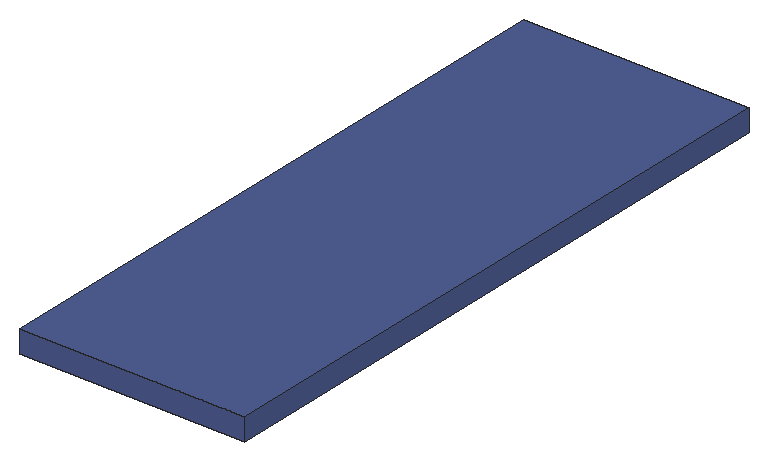
Revit family "DockEquipment_GuideLight_SuperSeal_2C2C-4", category Generic Models, Revit 2011
Parameters
  offset [instance] = 0' - 10 3/4"
  Warranty Duration (Years) = 0
  Unit Width = 0' - 5"
  Unit Height = 1' - 2"
  Unit Depth = 0' - 0 1/2"
  URL = "http://www.supersealmfg.com/"
  Specification = ""
  SpecWizard = ""
  Sign Width = 0' - 7"
  Sign Material = Plastic - Super Seal - Yellow
  Sign Height = 2' - 0"
  Sign [instance] = no
  Send Message = "http://www.arcat.com/users.pl?action=UserEmail&company=Super-Seal%20Mfg.%20Ltd&coid=44693&rep=119&fax=905-850-4440 &mf="
  Sales Information = "http://www.supersealmfg.com/ContactUs.htm"
  Revision = "R1_07-2011"
  Product Properties = ""
  Product Data = "http://arcat.com/arcatcos/cos44/arc44693.html?isac=1&r=1"
  Model = "As Specified"
  Material = Plastic - Super Seal - Blue
  Manufacturer Website = "http://www.supersealmfg.com/"
  Manufacturer Phone - Toll Free = "800-337-3239 "
  Manufacturer Phone = "800-337-3239 "
  Manufacturer Fax = "905-850-4440 "
  Manufacturer Address = "670 Rowntree Dairy Rd. Woodbridge , ON, Canada L4L-5T8"
  Manufacturer = "Super-Seal Mfg. Ltd"
  Maintenance Schedule (Months) = 0
  Keynote = ""
  Installation-Fabrication = ""
  Installation Phase = ""
  Green Building-LEED = ""
  Expected Lifespan (Years) = 0
  Drawn By = "Sumex Design, Inc. / Robert S. Weygant, CSI, CDT, SCIP"
  Description = "Super Seal"
  Default Elevation = 4' - 0"
  Copyright = "©Arcat Inc."
  Construction Details = "http://arcat.com/details/supersea/supersea.html?coid=44693"
  Assembly Code = ""
Reference planes (in)
  plane 1 "Center (Front/Back)": y = 0
  plane 2 "Bottom": z = 0
  plane 3 "Center (Left/Right)": x = 0
  plane 4 "Front": y = -7
  plane 5 "Left": x = -2.5
  plane 6 "Right": x = 2.5
  plane 7 "Top": z = 0.5
  plane 8: y = 7
  plane 9: x = -3.5
  plane 10: x = 3.5
  plane 11: y = 12
  plane 12: y = -12
Forms (in)
  Extrusion 1, solid, material "Plastic - Super Seal - Blue" <- "Material"
    sketch origin (0, 0, 0) x (1, 0, 0) y (0, 1, 0)
      loop
        line (-2.5, 7) -> (-2.5, -7) -> (2.5, -7) -> (2.5, 7) -> (-2.5, 7)
    from 0 to 0.5
  Extrusion 2, solid, material "Plastic - Super Seal - Yellow" <- "Sign Material", visible <- "Sign"
    sketch origin (-43.59721, -180, 0.5) x (-1, 0, 0) y (0, -1, 0)
      loop
        line (-40.09721, -192) -> (-40.09721, -168) -> (-47.09721, -168) -> (-47.09721, -192) -> (-40.09721, -192)
      loop
        line (-41.09721, -173) -> (-46.09721, -173) -> (-46.09721, -187) -> (-41.09721, -187) -> (-41.09721, -173)
    from 0 to -0.5
Lines and regions (in)
  model lines, style "Dock Equipment", detail levels medium+fine
    curve 1: circle (0, -3.71427, 0.5) r 2 normal (0, 0, 1)
    curve 2: circle (0, 5.28573, 0.5) r 1.5 normal (0, 0, 1)
    curve 3: circle (0, 5.28573, 0.5) r 0.75 normal (0, 0, 1)
    curve 32: circle (0, 0.78573, 0.5) r 2 normal (0, 0, 1)
  model lines, style "Dock Equipment", detail levels fine
    curve 4: circle (0.75, -3.71427, 0.5) r 0.125 normal (0, 0, 1)
    curve 5: circle (0, -4.46427, 0.5) r 0.125 normal (0, 0, 1)
    curve 6: circle (0, -4.96427, 0.5) r 0.125 normal (0, 0, 1)
    curve 7: circle (0, -2.96427, 0.5) r 0.125 normal (0, 0, 1)
    curve 8: circle (0, -2.46427, 0.5) r 0.125 normal (0, 0, 1)
    curve 9: circle (-0.75, -3.71427, 0.5) r 0.125 normal (0, 0, 1)
    curve 10: circle (-1.25, -3.71427, 0.5) r 0.125 normal (0, 0, 1)
    curve 11: circle (0.17678, -3.5375, 0.5) r 0.125 normal (0, 0, 1)
    curve 12: circle (0.88388, -2.83039, 0.5) r 0.125 normal (0, 0, 1)
    curve 13: circle (0.53033, -4.2446, 0.5) r 0.125 normal (0, 0, 1)
    curve 14: circle (0.88388, -4.59816, 0.5) r 0.125 normal (0, 0, 1)
    curve 15: circle (-0.53033, -3.18394, 0.5) r 0.125 normal (0, 0, 1)
    curve 16: circle (-0.88388, -2.83039, 0.5) r 0.125 normal (0, 0, 1)
    curve 17: circle (-0.53033, -4.2446, 0.5) r 0.125 normal (0, 0, 1)
    curve 18: circle (-0.88388, -4.59816, 0.5) r 0.125 normal (0, 0, 1)
    curve 19: circle (0.53033, -3.18394, 0.5) r 0.125 normal (0, 0, 1)
    curve 20: circle (-0.17678, -3.5375, 0.5) r 0.125 normal (0, 0, -1)
    curve 21: circle (0.17678, -3.89105, 0.5) r 0.125 normal (0, 0, -1)
    curve 22: circle (-0.17678, -3.89105, 0.5) r 0.125 normal (0, 0, 1)
    curve 23: circle (1.25, -3.71427, 0.5) r 0.125 normal (0, 0, -1)
    curve 24: circle (1.75, -3.71427, 0.5) r 0.125 normal (0, 0, -1)
    curve 25: circle (1.23744, -4.95171, 0.5) r 0.125 normal (0, 0, -1)
    curve 26: circle (1.23744, -2.47684, 0.5) r 0.125 normal (0, 0, -1)
    curve 27: circle (0, -1.96427, 0.5) r 0.125 normal (0, 0, -1)
    curve 28: circle (-1.23744, -2.47684, 0.5) r 0.125 normal (0, 0, -1)
    curve 29: circle (-1.75, -3.71427, 0.5) r 0.125 normal (0, 0, -1)
    curve 30: circle (-1.23744, -4.95171, 0.5) r 0.125 normal (0, 0, -1)
    curve 31: circle (0, -5.46427, 0.5) r 0.125 normal (0, 0, -1)
    curve 33: circle (0.75, 0.78573, 0.5) r 0.125 normal (0, 0, 1)
    curve 34: circle (0, 0.03573, 0.5) r 0.125 normal (0, 0, 1)
    curve 35: circle (0, -0.46427, 0.5) r 0.125 normal (0, 0, 1)
    curve 36: circle (0, 1.53573, 0.5) r 0.125 normal (0, 0, 1)
    curve 37: circle (0, 2.03573, 0.5) r 0.125 normal (0, 0, 1)
    curve 38: circle (-0.75, 0.78573, 0.5) r 0.125 normal (0, 0, 1)
    curve 39: circle (-1.25, 0.78573, 0.5) r 0.125 normal (0, 0, 1)
    curve 40: circle (0.17678, 0.9625, 0.5) r 0.125 normal (0, 0, 1)
    curve 41: circle (0.88388, 1.66961, 0.5) r 0.125 normal (0, 0, 1)
    curve 42: circle (0.53033, 0.2554, 0.5) r 0.125 normal (0, 0, 1)
    curve 43: circle (0.88388, -0.09816, 0.5) r 0.125 normal (0, 0, 1)
    curve 44: circle (-0.53033, 1.31606, 0.5) r 0.125 normal (0, 0, 1)
    curve 45: circle (-0.88388, 1.66961, 0.5) r 0.125 normal (0, 0, 1)
    curve 46: circle (-0.53033, 0.2554, 0.5) r 0.125 normal (0, 0, 1)
    curve 47: circle (-0.88388, -0.09816, 0.5) r 0.125 normal (0, 0, 1)
    curve 48: circle (0.53033, 1.31606, 0.5) r 0.125 normal (0, 0, 1)
    curve 49: circle (-0.17678, 0.9625, 0.5) r 0.125 normal (0, 0, -1)
    curve 50: circle (0.17678, 0.60895, 0.5) r 0.125 normal (0, 0, -1)
    curve 51: circle (-0.17678, 0.60895, 0.5) r 0.125 normal (0, 0, 1)
    curve 52: circle (1.25, 0.78573, 0.5) r 0.125 normal (0, 0, -1)
    curve 53: circle (1.75, 0.78573, 0.5) r 0.125 normal (0, 0, -1)
    curve 54: circle (1.23744, -0.45171, 0.5) r 0.125 normal (0, 0, -1)
    curve 55: circle (1.23744, 2.02316, 0.5) r 0.125 normal (0, 0, -1)
    curve 56: circle (0, 2.53573, 0.5) r 0.125 normal (0, 0, -1)
    curve 57: circle (-1.23744, 2.02316, 0.5) r 0.125 normal (0, 0, -1)
    curve 58: circle (-1.75, 0.78573, 0.5) r 0.125 normal (0, 0, -1)
    curve 59: circle (-1.23744, -0.45171, 0.5) r 0.125 normal (0, 0, -1)
    curve 60: circle (0, -0.96427, 0.5) r 0.125 normal (0, 0, -1)
Dimensions and locks (in)
  equal spacing: plane 5 "Left", plane 3 "Center (Left/Right)", plane 6 "Right"
  "Unit Width": plane 5 "Left" to plane 6 "Right"
  equal spacing: plane 8, plane 1 "Center (Front/Back)", plane 4 "Front"
  "Unit Depth": plane 7 "Top" to level
  "Unit Height": plane 8 to plane 4 "Front"
  equal spacing: plane 11, plane 1 "Center (Front/Back)", plane 12
  equal spacing: plane 9, plane 3 "Center (Left/Right)", plane 10
  "Sign Width": plane 9 to plane 10
  "Sign Height": plane 11 to plane 12
  aligned and locked: plane 7 "Top" to Extrusion 1
  aligned and locked: Extrusion 2 to level
Automatic sketch dimensions
  Extrusion 1 sketch curve to plane 4 "Front" = 0' - 0"
  Extrusion 1 sketch curve to plane 5 "Left" = 0' - 0"
  Extrusion 1 sketch curve to plane 6 "Right" = 0' - 0"
  Extrusion 1 sketch curve to plane 8 = 0' - 0"
  Extrusion 2 sketch curve to plane 10 = 0' - 0"
  Extrusion 2 sketch curve to plane 6 "Right" = 0' - 0"
  Extrusion 2 sketch curve to plane 4 "Front" = 0' - 0"
  Extrusion 2 sketch curve to plane 5 "Left" = 0' - 0"
  Extrusion 2 sketch curve to plane 9 = 0' - 0"
  Extrusion 2 sketch curve to plane 11 = 0' - 0"
  Extrusion 2 sketch curve to plane 8 = 0' - 0"
  Extrusion 2 sketch curve to plane 12 = 0' - 0"
  curve 2 to curve 3 = 0' - 0"  (x2)
  curve 6 to plane 3 "Center (Left/Right)" = 0' - 0"
  curve 5 to plane 3 "Center (Left/Right)" = 0' - 0"
  curve 3 to plane 3 "Center (Left/Right)" = 0' - 0"
  curve 27 to plane 3 "Center (Left/Right)" = 0' - 0"
  curve 56 to plane 3 "Center (Left/Right)" = 0' - 0"
  curve 7 to plane 3 "Center (Left/Right)" = 0' - 0"
  curve 8 to plane 3 "Center (Left/Right)" = 0' - 0"
  curve 31 to plane 3 "Center (Left/Right)" = 0' - 0"
  curve 32 to plane 3 "Center (Left/Right)" = 0' - 0"
  curve 1 to plane 3 "Center (Left/Right)" = 0' - 0"
  curve 34 to plane 3 "Center (Left/Right)" = 0' - 0"
  curve 35 to plane 3 "Center (Left/Right)" = 0' - 0"
  curve 36 to plane 3 "Center (Left/Right)" = 0' - 0"
  curve 37 to plane 3 "Center (Left/Right)" = 0' - 0"
  curve 60 to plane 3 "Center (Left/Right)" = 0' - 0"
  plane 3 "Center (Left/Right)" to curve 40 = 0' - 0.17678"
  plane 3 "Center (Left/Right)" to curve 21 = 0' - 0.17678"
  plane 3 "Center (Left/Right)" to curve 11 = 0' - 0.17678"
  plane 3 "Center (Left/Right)" to curve 50 = 0' - 0.17678"
  curve 13 to curve 21 = 0' - 0.35355"
  curve 19 to curve 11 = 0' - 0.35355"  (x2)
  curve 42 to plane 1 "Center (Front/Back)" = 0' - 0.2554"
  curve 42 to curve 50 = 0' - 0.35355"
  curve 48 to curve 40 = 0' - 0.35355"  (x2)
  curve 33 to curve 42 = 0' - 0.21967"
  curve 4 to curve 13 = 0' - 0.21967"
  curve 14 to curve 13 = 0' - 0.35355"
  curve 41 to curve 48 = 0' - 0.35355"  (x2)
  curve 43 to curve 42 = 0' - 0.35355"
  curve 12 to curve 19 = 0' - 0.35355"  (x2)
  curve 25 to curve 14 = 0' - 0.35355"
  curve 55 to curve 41 = 0' - 0.35355"  (x2)
  curve 54 to curve 43 = 0' - 0.35355"
  curve 26 to curve 12 = 0' - 0.35355"  (x2)
  curve 52 to curve 33 = 0' - 0 1/2"
  curve 23 to curve 4 = 0' - 0 1/2"
  curve 53 to curve 52 = 0' - 0 1/2"
  curve 24 to curve 23 = 0' - 0 1/2"
  curve 51 to plane 3 "Center (Left/Right)" = 0' - 0.17678"
  curve 49 to plane 3 "Center (Left/Right)" = 0' - 0.17678"
  curve 20 to plane 3 "Center (Left/Right)" = 0' - 0.17678"
  curve 22 to plane 3 "Center (Left/Right)" = 0' - 0.17678"
  curve 49 to curve 44 = 0' - 0.35355"
  curve 20 to curve 15 = 0' - 0.35355"
  curve 46 to plane 1 "Center (Front/Back)" = 0' - 0.2554"
  curve 51 to curve 46 = 0' - 0.35355"
  curve 22 to curve 17 = 0' - 0.35355"  (x2)
  curve 15 to curve 9 = 0' - 0.21967"
  curve 46 to curve 38 = 0' - 0.21967"
  curve 17 to curve 18 = 0' - 0.35355"  (x2)
  curve 46 to curve 47 = 0' - 0.35355"
  curve 15 to curve 16 = 0' - 0.35355"
  curve 44 to curve 45 = 0' - 0.35355"
  curve 45 to curve 57 = 0' - 0.35355"
  curve 16 to curve 28 = 0' - 0.35355"
  curve 47 to curve 59 = 0' - 0.35355"  (x2)
  curve 18 to curve 30 = 0' - 0.35355"  (x2)
  curve 38 to curve 39 = 0' - 0 1/2"
  curve 9 to curve 10 = 0' - 0 1/2"
  curve 39 to curve 58 = 0' - 0 1/2"
  curve 10 to curve 29 = 0' - 0 1/2"
  curve 51 to plane 1 "Center (Front/Back)" = 0' - 0.60895"
  curve 50 to curve 51 = 0' - 0"
  curve 52 to plane 1 "Center (Front/Back)" = 0' - 0.78573"
  curve 53 to curve 52 = 0' - 0"
  curve 32 to curve 50 = 0' - 0.17678"
  curve 58 to plane 1 "Center (Front/Back)" = 0' - 0.78573"
  curve 33 to curve 52 = 0' - 0"
  curve 39 to curve 58 = 0' - 0"
  curve 38 to curve 39 = 0' - 0"
  curve 40 to curve 32 = 0' - 0.17678"
  curve 49 to curve 32 = 0' - 0.17678"
  curve 44 to curve 49 = 0' - 0.35355"
  curve 36 to curve 48 = 0' - 0.21967"
  curve 45 to curve 44 = 0' - 0.35355"
  curve 57 to curve 45 = 0' - 0.35355"
  curve 37 to curve 36 = 0' - 0 1/2"
  curve 56 to curve 37 = 0' - 0 1/2"
  curve 3 to plane 8 = 0' - 1.71427"
  curve 34 to plane 1 "Center (Front/Back)" = 0' - 0.03573"
  plane 1 "Center (Front/Back)" to curve 43 = 0' - 0.09816"
  plane 1 "Center (Front/Back)" to curve 47 = 0' - 0.09816"
  curve 43 to curve 54 = 0' - 0.35355"
  curve 34 to curve 35 = 0' - 0 1/2"
  curve 35 to curve 60 = 0' - 0 1/2"
  curve 60 to curve 27 = 0' - 1"
  curve 27 to curve 8 = 0' - 0 1/2"
  curve 8 to curve 28 = 0' - 0.01256"
  curve 8 to curve 26 = 0' - 0.01256"
  curve 28 to curve 16 = 0' - 0.35355"
  curve 8 to curve 7 = 0' - 0 1/2"
  curve 16 to curve 15 = 0' - 0.35355"
  curve 20 to curve 11 = 0' - 0"
  curve 20 to curve 1 = 0' - 0.17678"
  curve 16 to curve 29 = 0' - 0.88388"
  curve 10 to curve 29 = 0' - 0"
  curve 9 to curve 10 = 0' - 0"
  curve 12 to curve 24 = 0' - 0.88388"
  curve 19 to curve 4 = 0' - 0.53033"
  curve 23 to curve 4 = 0' - 0"
  curve 1 to curve 22 = 0' - 0.17678"
  curve 1 to curve 21 = 0' - 0.17678"
  curve 21 to curve 13 = 0' - 0.35355"
  curve 17 to curve 5 = 0' - 0.21967"
  curve 13 to curve 14 = 0' - 0.35355"
  curve 14 to curve 25 = 0' - 0.35355"
  curve 5 to curve 6 = 0' - 0 1/2"
  curve 6 to curve 31 = 0' - 0 1/2"
  radius of curve 1 = 0' - 2"
  radius of curve 2 = 0' - 1 1/2"
  radius of curve 3 = 0' - 0 3/4"
  radius of curve 4 = 0' - 0 1/8"
  radius of curve 5 = 0' - 0 1/8"
  radius of curve 6 = 0' - 0 1/8"
  radius of curve 7 = 0' - 0 1/8"
  radius of curve 8 = 0' - 0 1/8"
  radius of curve 9 = 0' - 0 1/8"
  radius of curve 10 = 0' - 0 1/8"
  radius of curve 11 = 0' - 0 1/8"
  radius of curve 12 = 0' - 0 1/8"
  radius of curve 13 = 0' - 0 1/8"
  radius of curve 14 = 0' - 0 1/8"
  radius of curve 15 = 0' - 0 1/8"
  radius of curve 16 = 0' - 0 1/8"
  radius of curve 17 = 0' - 0 1/8"
  radius of curve 18 = 0' - 0 1/8"
  radius of curve 19 = 0' - 0 1/8"
  radius of curve 20 = 0' - 0 1/8"
  radius of curve 21 = 0' - 0 1/8"
  radius of curve 22 = 0' - 0 1/8"
  radius of curve 23 = 0' - 0 1/8"
  radius of curve 24 = 0' - 0 1/8"
  radius of curve 25 = 0' - 0 1/8"
  radius of curve 26 = 0' - 0 1/8"
  radius of curve 27 = 0' - 0 1/8"
  radius of curve 28 = 0' - 0 1/8"
  radius of curve 29 = 0' - 0 1/8"
  radius of curve 30 = 0' - 0 1/8"
  radius of curve 31 = 0' - 0 1/8"
  radius of curve 32 = 0' - 2"
  radius of curve 33 = 0' - 0 1/8"
  radius of curve 34 = 0' - 0 1/8"
  radius of curve 35 = 0' - 0 1/8"
  radius of curve 36 = 0' - 0 1/8"
  radius of curve 37 = 0' - 0 1/8"
  radius of curve 38 = 0' - 0 1/8"
  radius of curve 39 = 0' - 0 1/8"
  radius of curve 40 = 0' - 0 1/8"
  radius of curve 41 = 0' - 0 1/8"
  radius of curve 42 = 0' - 0 1/8"
  radius of curve 43 = 0' - 0 1/8"
  radius of curve 44 = 0' - 0 1/8"
  radius of curve 45 = 0' - 0 1/8"
  radius of curve 46 = 0' - 0 1/8"
  radius of curve 47 = 0' - 0 1/8"
  radius of curve 48 = 0' - 0 1/8"
  radius of curve 49 = 0' - 0 1/8"
  radius of curve 50 = 0' - 0 1/8"
  radius of curve 51 = 0' - 0 1/8"
  radius of curve 52 = 0' - 0 1/8"
  radius of curve 53 = 0' - 0 1/8"
  radius of curve 54 = 0' - 0 1/8"
  radius of curve 55 = 0' - 0 1/8"
  radius of curve 56 = 0' - 0 1/8"
  radius of curve 57 = 0' - 0 1/8"
  radius of curve 58 = 0' - 0 1/8"
  radius of curve 59 = 0' - 0 1/8"
  radius of curve 60 = 0' - 0 1/8"
